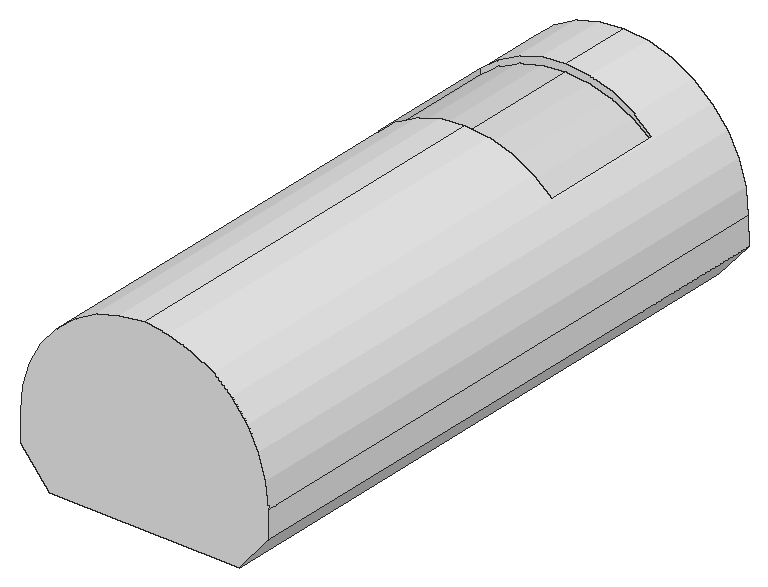
Revit family "Wall_Occupancy_and_Vacancy_Sensor-Lutron-Radio_Powr_Savr-LRF2--", category Lighting Devices, host Face, Revit 2015
Parameters (values of type "ERROR_LOAD Type Catalog")
  Voltage = 3 V
  Version = 1
  URL = "http://www.lutron.com"
  Thomas Enterprise Solutions URL = "http://www.thomasenterprisesolutions.com/"
  Standards = "cULus® listed; FCC certified; IC certified; COFETEL certified; ANATEL certified; SUTEL certified; Meets CA (U.S.A.) Energy Commission Title 24 requirements"
  Series = "Radio Powr Savr"
  Sensor Material = Plastic - Lutron - White
  Sensor Cover Width = 0' - 1 1/4"
  Sensor Cover Vertical Offset = 0' - 0 135/256"
  Sensor Cover Thickness = 0' - 0 7/64"
  Sensor Cover Offset = 0' - 0 13/256"
  Sensor Cover Height = 0' - 0 117/128"
  Sensor Cover Depth = 0' - 0 189/256"
  Sensor Cover Arc Depth = 0' - 0 101/256"
  Sensor Clearance [instance] = 4' - 0"
  Sensor Case Radius = Overall Width / 2  # 0' - 0.9"
  Room Width [instance] = 10' - 0"
  Room Void Offset [instance] = if(Major Motion Coverage Range > Room Void Area, Major Motion Coverage Range + 1' 0", Room Void Area + 1' 0")  # 151' - 0"
  Room Void Area [instance] = if(Room Length > Room Width, Room Length, Room Width)  # 25' - 0"
  Room Length [instance] = 25' - 0"
  Range Start Angle [instance] = if(Hallway Coverage, -90.00°, -Field of View / 2)  # -90.00°
  Range End Angle [instance] = if(Hallway Coverage, 90.00°, Field of View / 2)  # 90.00°
  Range = 30' - 0"
  Product Page URL = "http://www.lutron.com/Products/Sensors/Occupancy-Vacancy/WirelessRadioPowrSavr/Pages/Overview.aspx"
  Overall Width = 0' - 1.8"
  Overall Height = 0' - 4.35"
  Overall Depth = 0' - 1.35"
  Mounting Height [instance] = if(Default Elevation < Minimum Mounting Height, Minimum Mounting Height, if(Default Elevation > Maximum Mounting Height, Maximum Mounting Height, Default Elevation))  # 7' - 0"
  Model = "LRF2-OHLB-P-WH"
  Minor Room Coverage Range Offset [instance] = if(Minor Motion Coverage Range = 0' 0", Overall Depth, Minor Motion Coverage Range)  # 0' - 1.35"
  Major Room Coverage Range [instance] = if(Room Length > Minor Motion Coverage Range, Minor Motion Coverage Range, Room Length)  # 0' - 0"
  Major Motion Coverage Range = 150' - 0"
  Minor Motion Coverage = 0.00 SF
  Minimum Operating Temperature = 32 °F
  Minimum Mounting Height = 6' - 0"
  Maximum Operating Temperature = 104 °F
  Maximum Mounting Height = 8' - 0"
  Manufacturer = "Lutron Electronics"  # constant formula
  Minor Motion Coverage Range = 0' - 0"
  Major Motion Coverage = 150.00 SF
  Label = "OS"
  Infrared Minor Range [instance] = and(not(Infared Diagram), Infrared Minor Motion Detection)  # no
  Infrared Minor Motion Detection [instance] = no
  Infrared Minor Diagram [instance] = and(Infared Diagram, Infrared Minor Motion Detection)  # no
  Infrared Major Range [instance] = and(not(Infared Diagram), Infrared Major Motion Detection)  # no
  Infrared Major Motion Detection [instance] = no
  Infrared Major Diagram [instance] = and(Infared Diagram, Infrared Major Motion Detection)  # no
  Infared Diagram [instance] = no
  Frequency and Channel Codes = "431.0 - 437.0 MHz (US; Canada; Mexico; Brazil)"
  Flange Width = 0' - 0 27/128"
  Flange Depth = 0' - 0 1/4"
  Field of View = 0.00°
  ENGworks URL = "http://www.ENGworks.com"
  Description = "Wireless Wall-Mount Sensor"
  Default Elevation = 7' - 0"
  Current = 14 A
  Wall Mount Coverage [instance] = Field of View = 180.00°  # no
  Hallway Coverage [instance] = Field of View = 0.00°  # yes
  Corner Mount Coverage [instance] = Field of View = 90.00°  # no
  Copyright = "© 2016 Lutron Electronics Co., Inc."  # constant formula
  Assembly Code = "D5030800"
Reference planes (in)
  plane 1 "Center (Front/Back)": y = 0
  plane 2: z = 0
  plane 3 "Center (Left/Right)": x = 0
  plane 4: x = 0.9
  plane 5: x = -0.9
  plane 6: y = -2.175
  plane 7: y = 2.175
  plane 8: z = 1.35
  plane 9: y = 1.64766
  plane 10: y = 0.73359
  plane 11: z = 0.73828
  plane 12: z = 1.06484
  plane 13: z = 0.95547
  plane 14: y = 1.64766
  plane 15: y = -81.825
  plane 16: z = 1800
  plane 17: y = 1.64766
  plane 18: z = 1.35
  plane 19: y = -81.825
  plane 20: y = -86.175
  plane 21: x = -1812.9
  plane 22: x = 1812.9
  plane 23: z = 1812
  plane 24: x = -60
  plane 25: x = 60
  plane 26: z = 300
  plane 27: x = -0.68906
  plane 28: x = 0.68906
  plane 29: z = 0.25
  plane 30: z = 0.45
Forms (in)
  Extrusion 1, solid, material "Plastic - Lutron - White" <- "Sensor Material"
    sketch origin (0, 0, 0) x (1, 0, 0) y (0, 0, 1)
      loop
        line (-0.9, 0.25) -> (-0.68906, 0) -> (0.68906, 0) -> (0.9, 0.25) -> (0.9, 0.45)
        arc (0.9, 0.45) -> (0.6364, 1.0864) -> (0, 1.35) r 0.9
        arc (0, 1.35) -> (-0.6364, 1.0864) -> (-0.9, 0.45) r 0.9
        line (-0.9, 0.45) -> (-0.9, 0.25)
    from -2.175 to 2.175
  Extrusion 2, void
    sketch origin (0.02539, 0, 0) x (1, 0, 0) y (0, 1, 0)
      loop
        line (-0.65039, 1.64766) -> (-0.65039, 0.73359) -> (0.59961, 0.73359) -> (0.59961, 1.64766) -> (-0.65039, 1.64766)
    from 1.35 to 0.73828
  Extrusion 3, solid, material "Plastic - Lutron - Clear"
    sketch origin (0, 0, 0) x (1, 0, 0) y (0, 0, 1)
      loop
        arc (0, 1.29922) -> (-0.33375, 1.2387) -> (-0.625, 1.06484) r 0.95052
        line (-0.625, 1.06484) -> (-0.625, 0.95547)
        arc (-0.625, 0.95547) -> (-0.33375, 1.12932) -> (0, 1.18984) r 0.95052
        arc (0, 1.18984) -> (0.33375, 1.12932) -> (0.625, 0.95547) r 0.95052
        line (0.625, 0.95547) -> (0.625, 1.06484)
        arc (0.625, 1.06484) -> (0.33375, 1.2387) -> (0, 1.29922) r 0.95052
    from -1.64766 to -0.73359
  Extrusion 4, void
    sketch origin (60, 2.175, 60.99325) x (1, 0, 0) y (0, 0, 1)
      loop
        line (146.45629, 659.00479) -> (-59.79327, -60.2727)
        arc (-59.79327, -60.2727) -> (-59.77032, -60.27968) -> (-59.74761, -60.28739) r 0.75
        line (-59.74761, -60.28739) -> (197.30569, 659.00479) -> (146.45629, 659.00479)
      loop
        line (239.99961, 594.18112) -> (-59.68776, -60.31174)
        arc (-59.68776, -60.31174) -> (-59.65885, -60.32573) -> (-59.63057, -60.34095) r 0.75
        line (-59.63057, -60.34095) -> (239.99961, 469.03795) -> (239.99961, 594.18112)
      loop
        line (239.99961, 359.00479) -> (-59.56407, -60.38335)
        arc (-59.56407, -60.38335) -> (-59.54165, -60.4) -> (-59.51986, -60.41748) r 0.75
        line (-59.51986, -60.41748) -> (239.99961, 299.00479) -> (239.99961, 359.00479)
      loop
        line (239.99961, 239.00479) -> (-59.46967, -60.46332)
        arc (-59.46967, -60.46332) -> (-59.45304, -60.48049) -> (-59.43696, -60.49818) r 0.75
        line (-59.43696, -60.49818) -> (239.99961, 203.00479) -> (239.99961, 239.00479)
      loop
        line (239.99961, 119.00479) -> (239.99961, 155.00479) -> (-59.39135, -60.55542)
        arc (-59.39135, -60.55542) -> (-59.37357, -60.58124) -> (-59.35688, -60.60778) r 0.75
        line (-59.35688, -60.60778) -> (239.99961, 119.00479)
      loop
        line (239.99961, 95.00479) -> (-59.33459, -60.64763)
        arc (-59.33459, -60.64763) -> (-59.32098, -60.67516) -> (-59.30851, -60.70322) r 0.75
        line (-59.30851, -60.70322) -> (239.99961, 65.00479) -> (239.99961, 95.00479)
      loop
        line (239.99961, 36.4807) -> (-59.28671, -60.76189)
        arc (-59.28671, -60.76189) -> (-59.27815, -60.7901) -> (-59.27071, -60.81862) r 0.75
        line (-59.27071, -60.81862) -> (239.99961, 11.00479) -> (239.99961, 36.4807)
      loop
        line (239.99961, -18.99521) -> (-59.25724, -60.88966)
        arc (-59.25724, -60.88966) -> (-59.25449, -60.91172) -> (-59.25239, -60.93384) r 0.75
        line (-59.25239, -60.93384) -> (239.99961, -36.99521) -> (239.99961, -18.99521)
      loop
        line (-266.45629, 659.00479) -> (-317.30569, 659.00479) -> (-60.25239, -60.28739)
        arc (-60.25239, -60.28739) -> (-60.22968, -60.27968) -> (-60.20673, -60.2727) r 0.75
        line (-60.20673, -60.2727) -> (-266.45629, 659.00479)
      loop
        line (-359.99961, 594.18112) -> (-359.99961, 469.03795) -> (-60.36943, -60.34095)
        arc (-60.36943, -60.34095) -> (-60.34115, -60.32573) -> (-60.31224, -60.31174) r 0.75
        line (-60.31224, -60.31174) -> (-359.99961, 594.18112)
      loop
        line (-359.99961, 359.00479) -> (-359.99961, 299.00479) -> (-60.48013, -60.41749)
        arc (-60.48013, -60.41749) -> (-60.45834, -60.40001) -> (-60.43592, -60.38336) r 0.74999
        line (-60.43592, -60.38336) -> (-359.99961, 359.00479)
      loop
        line (-359.99961, 239.00479) -> (-359.99961, 203.00479) -> (-60.56304, -60.4982)
        arc (-60.56304, -60.4982) -> (-60.54696, -60.4805) -> (-60.53032, -60.46333) r 0.74999
        line (-60.53032, -60.46333) -> (-359.99961, 239.00479)
      loop
        line (-359.99961, 119.00479) -> (-60.643, -60.60757)
        arc (-60.643, -60.60757) -> (-60.62635, -60.58111) -> (-60.6086, -60.55537) r 0.75
        line (-60.6086, -60.55537) -> (-359.99961, 155.00479) -> (-359.99961, 119.00479)
      loop
        line (-359.99961, 95.00479) -> (-359.99961, 65.00479) -> (-60.69154, -60.70328)
        arc (-60.69154, -60.70328) -> (-60.67898, -60.67502) -> (-60.66526, -60.6473) r 0.75001
        line (-60.66526, -60.6473) -> (-359.99961, 95.00479)
      loop
        line (-359.99961, 36.4807) -> (-359.99961, 11.00479) -> (-60.72929, -60.81862)
        arc (-60.72929, -60.81862) -> (-60.72185, -60.7901) -> (-60.71329, -60.76189) r 0.75
        line (-60.71329, -60.76189) -> (-359.99961, 36.4807)
      loop
        line (-359.99961, -18.99521) -> (-359.99961, -36.99521) -> (-60.74761, -60.93384)
        arc (-60.74761, -60.93384) -> (-60.74551, -60.91172) -> (-60.74276, -60.88966) r 0.75
        line (-60.74276, -60.88966) -> (-359.99961, -18.99521)
      loop
        line (-59.85261, -60.25827) -> (84.30704, 659.00479) -> (32.31738, 659.00479) -> (-59.90462, -60.24974)
        arc (-59.90462, -60.24974) -> (-59.87854, -60.25355) -> (-59.85261, -60.25827) r 0.75
      loop
        line (-59.9701, -60.24424) -> (-31.27653, 659.00479) -> (-88.72347, 659.00479) -> (-60.0299, -60.24424)
        arc (-60.0299, -60.24424) -> (-60, -60.24365) -> (-59.9701, -60.24424) r 0.75
      loop
        line (-60.09538, -60.24974) -> (-152.31738, 659.00479) -> (-204.30704, 659.00479) -> (-60.14739, -60.25827)
        arc (-60.14739, -60.25827) -> (-60.12146, -60.25355) -> (-60.09538, -60.24974) r 0.75
    from 0 to 0.125
  Extrusion 5, solid, material "Infrared Minor Motion Detection", visible <- "Infrared Minor Diagram"
    sketch origin (60, 2.175, 48) x (1, 0, 0) y (0, 0, 1)
      loop
        line (-240, -48) -> (120, -48) -> (120, 552) -> (-240, 552) -> (-240, -48)
    from 0 to 0.125
  Extrusion 6, solid, material "Infrared Major Motion Detection", visible <- "Infrared Major Diagram"
    sketch origin (60, 2.14453, 48) x (1, 0, 0) y (0, 0, 1)
      loop
        line (-360, -48) -> (240, -48) -> (240, 671.9996) -> (-360, 671.9996) -> (-360, -48)
    from 0.00078 to 0.06328
  Revolve 7, solid, material "Infrared Major Motion Detection", visible <- "Infrared Major Range"
    sketch origin (0, 0, 0) x (0, 1, 0) y (0, 0, 1)
      loop
        line (1.64766, 1.35) -> (1.64766, 1800) -> (-81.825, 1800) -> (-81.825, 1.35) -> (1.64766, 1.35)
      axis (1.64766, 0) -> (-81.825, 0)
    angle from -90 <- "Range Start Angle" to 90 <- "Range End Angle"
  Revolve 8, solid, material "Infrared Minor Motion Detection", visible <- "Infrared Minor Range"
    sketch origin (0, 0, 0) x (0, 1, 0) y (0, 0, 1)
      loop
        line (1.64766, 0) -> (1.64766, 1.35) -> (-81.825, 1.35) -> (-81.825, 0) -> (1.64766, 0)
      axis (-81.825, 0) -> (1.64766, 0)
    angle from -90 <- "Range Start Angle" to 90 <- "Range End Angle"
  Sweep 9, void
    path origin (0, 0, 0) x (0, 1, 0) y (0, 0, 1)
      loop
        line (-86.175, 0) -> (2.175, 0)
    profile origin (0, -42, 0) x (0, 0, 1) y (1, 0, 0)
      loop
        line (1812, -1812.9) -> (1812, 1812.9) -> (0, 1812.9) -> (0, 60) -> (300, 60) -> (300, -60) -> (0, -60) -> (0, -1812.9) -> (1812, -1812.9)
Cuts and joins
  Extrusion 2 cuts Extrusion 1
  Extrusion 4 cuts Extrusion 5
  Extrusion 4 cuts Extrusion 6
  Sweep 9 cuts Revolve 7
  Sweep 9 cuts Revolve 8
Lines and regions (in)
  symbolic lines, detail levels fine
    curve 1: line (0.9, 2.175, 0.25) -> (0.9, 2.175, 0.52279)
    curve 2: arc (0.9, 2.175, 0.52279) -> (0.85964, 2.175, 0.76675) -> (0.74285, 2.175, 0.9847) r 0.75742
    curve 3: arc (0.74285, 2.175, 0.9847) -> (-0.00134, 2.175, 1.3504) -> (-0.74448, 2.175, 0.98257) r 0.93733
    curve 4: arc (-0.74448, 2.175, 0.98257) -> (-0.86007, 2.175, 0.76575) -> (-0.9, 2.175, 0.52331) r 0.7559
    curve 5: line (-0.9, 2.175, 0.52331) -> (-0.9, 2.175, 0.25)
    curve 6: line (-0.9, 2.175, 0.25) -> (-0.69006, 2.175, 0)
    curve 7: line (-0.69006, 2.175, 0) -> (0.69006, 2.175, 0)
    curve 8: line (0.69006, 2.175, 0) -> (0.9, 2.175, 0.25)
Dimensions and locks (in)
  "Overall Width": plane 5 to plane 4
  equal spacing: plane 5, plane 3 "Center (Left/Right)", plane 4
  "Overall Height": plane 6 to plane 7
  equal spacing: plane 6, plane 1 "Center (Front/Back)", plane 7
  "Overall Depth": plane 8 to plane 2
  "Sensor Cover Width": Extrusion 2 sketch curve to Extrusion 2 sketch curve
  equal spacing: Extrusion 2 sketch curve, plane 3 "Center (Left/Right)", Extrusion 2 sketch curve
  equal spacing: Extrusion 5 sketch curve, plane 3 "Center (Left/Right)", Extrusion 5 sketch curve
  locked: Extrusion 5 sketch curve to Extrusion 5 sketch curve at 360
  locked: Extrusion 5 sketch curve to Extrusion 5 sketch curve at 600
  locked: Extrusion 6 sketch curve to Extrusion 6 sketch curve at 600
  locked: Extrusion 6 sketch curve to Extrusion 6 sketch curve at 719.9996
  cut or joined group of Extrusion 4, Extrusion 5 to Extrusion 6 to Extrusion 6 to plane 7 = 0' - 0 1/32" locked, 0' - 0 1/16" locked, 0' - 0 1/32" locked
  equal spacing: Extrusion 6 sketch curve, plane 3 "Center (Left/Right)", Extrusion 6 sketch curve
  "Sensor Cover Vertical Offset": plane 9 to plane 7
  "Sensor Cover Height": plane 10 to plane 9
  "Sensor Cover Depth": plane 11 to plane 2
  "Sensor Cover Thickness": plane 12 to plane 13
  "Sensor Cover Arc Depth": plane 8 to plane 13
  "Sensor Cover Offset": plane 8 to Extrusion 3 sketch curve
  "Sensor Cover Thickness": Extrusion 3 sketch curve to Extrusion 3 sketch curve
  "Major Motion Coverage Range": plane 16 to plane 2
  "Sensor Cover Vertical Offset": plane 17 to plane 7
  "Mounting Height": plane 19 to plane 7
  "Minor Room Coverage Range Offset": plane 18 to plane 2
  "Mounting Height": plane 15 to plane 7
  "Sensor Cover Vertical Offset": plane 14 to plane 7
  "Mounting Height": plane 20 to plane 6
  "Room Void Offset": plane 23 to plane 2
  equal spacing: plane 22, plane 3 "Center (Left/Right)", plane 21
  "Room Void Offset": plane 5 to plane 21
  equal spacing: plane 25, plane 3 "Center (Left/Right)", plane 24
  "Room Width": plane 25 to plane 24
  "Room Length": plane 26 to plane 2
  equal spacing: plane 28, plane 3 "Center (Left/Right)", plane 27
  "Flange Width": plane 27 to plane 5
  "Flange Depth": plane 29 to plane 2
  "Sensor Case Radius": plane 8 to plane 30
  aligned and locked: plane 2 to host face
  aligned and locked: level to host face
  aligned and locked: Extrusion 1 to plane 7
  aligned and locked: Extrusion 1 to plane 6
  aligned and locked: Extrusion 3 to cut or joined group of Extrusion 1, Extrusion 2  (x2)
  aligned and locked: plane 3 "Center (Left/Right)" to nested 1
  aligned and locked: plane 1 "Center (Front/Back)" to nested 1
  aligned and locked: cut or joined group of Extrusion 4, Extrusion 6 to plane 2
  aligned and locked: cut or joined group of Extrusion 4, Extrusion 5 to plane 2
  aligned and locked: plane 9 to Extrusion 2 sketch curve
  aligned and locked: plane 10 to Extrusion 2 sketch curve
  aligned and locked: plane 13 to Extrusion 3 sketch curve  (x2)
  aligned and locked: plane 12 to Extrusion 3 sketch curve  (x2)
  aligned and locked: cut or joined group of Extrusion 1, Extrusion 2 to Extrusion 3 sketch curve  (x5)
  aligned and locked: plane 3 "Center (Left/Right)" to Extrusion 3 sketch curve  (x2)
  aligned and locked: Revolve 7 sketch curve to plane 16
  aligned and locked: plane 14 to Revolve 7 sketch curve
  aligned and locked: Revolve 7 sketch curve to plane 15
  aligned and locked: Revolve 7 sketch curve to cut or joined group of Extrusion 1, Extrusion 2
  aligned and locked: cut or joined group of Extrusion 1, Extrusion 2 to Revolve 8 sketch curve
  aligned and locked: Revolve 8 sketch curve to cut or joined group of Extrusion 1, Extrusion 2
  aligned and locked: plane 18 to Revolve 8 sketch curve
  aligned and locked: Revolve 8 sketch curve to plane 19
  aligned and locked: plane 7 to Sweep 9 sketch curve
  aligned and locked: Sweep 9 sketch curve to plane 2  (x2)
  aligned and locked: plane 20 to Sweep 9 sketch curve
  aligned and locked: plane 23 to Sweep 9 sketch curve
  aligned and locked: Sweep 9 sketch curve to plane 22
  aligned and locked: Sweep 9 sketch curve to plane 21
  aligned and locked: plane 26 to Sweep 9 sketch curve
  aligned and locked: Sweep 9 sketch curve to plane 24
  aligned and locked: plane 25 to Sweep 9 sketch curve
  aligned and locked: Sweep 9 sketch curve to profile plane
  aligned and locked: Extrusion 1 sketch curve to plane 2
  aligned and locked: plane 27 to Extrusion 1 sketch curve
  aligned and locked: plane 29 to Extrusion 1 sketch curve
  aligned and locked: plane 28 to Extrusion 1 sketch curve
  aligned and locked: Extrusion 1 sketch curve to plane 5
  aligned and locked: plane 4 to Extrusion 1 sketch curve
  aligned and locked: plane 30 to Extrusion 1 sketch curve  (x3)
  aligned and locked: plane 3 "Center (Left/Right)" to Extrusion 1 sketch curve  (x2)
  aligned and locked: plane 8 to Extrusion 1 sketch curve
  aligned and locked: plane 8 to cut or joined group of Extrusion 1, Extrusion 2
  aligned and locked: plane 11 to cut or joined group of Extrusion 1, Extrusion 2
  aligned and locked: plane 8 to Revolve 7 sketch curve
Automatic sketch dimensions
  host sketch curve to host sketch curve = 8' - 0"  (x2)
  Extrusion 4 sketch curve to Extrusion 4 sketch curve = 0' - 0"  (x228)
  Extrusion 4 sketch curve to plane 3 "Center (Left/Right)" = 0' - 0"
  Extrusion 4 sketch curve to plane 3 "Center (Left/Right)" = 0' - 0.00007"
  Extrusion 4 sketch curve to plane 3 "Center (Left/Right)" = 0' - 0.0299"
  Extrusion 4 sketch curve to Extrusion 4 sketch curve = 0' - 0.06549"  (x2)
  Extrusion 4 sketch curve to Extrusion 4 sketch curve = 0' - 0.05201"  (x2)
  Extrusion 4 sketch curve to Extrusion 4 sketch curve = 0' - 0.05934"  (x2)
  Extrusion 4 sketch curve to Extrusion 4 sketch curve = 0' - 0.04567"  (x2)
  Extrusion 4 sketch curve to Extrusion 4 sketch curve = 0' - 0.05985"  (x2)
  Extrusion 4 sketch curve to Extrusion 4 sketch curve = 0' - 0.05719"  (x2)
  Extrusion 4 sketch curve to Extrusion 4 sketch curve = 0' - 0.06649"
  Extrusion 4 sketch curve to Extrusion 4 sketch curve = 0' - 0.04421"  (x2)
  Extrusion 4 sketch curve to Extrusion 4 sketch curve = 0' - 0.05019"  (x2)
  Extrusion 4 sketch curve to Extrusion 4 sketch curve = 0' - 0.03272"
  Extrusion 4 sketch curve to Extrusion 4 sketch curve = 0' - 0.04557"
  Extrusion 4 sketch curve to Extrusion 4 sketch curve = 0' - 0.0344"
  Extrusion 4 sketch curve to Extrusion 4 sketch curve = 0' - 0.02226"
  Extrusion 4 sketch curve to Extrusion 4 sketch curve = 0' - 0.02628"
  Extrusion 4 sketch curve to Extrusion 4 sketch curve = 0' - 0.02175"
  Extrusion 4 sketch curve to Extrusion 4 sketch curve = 0' - 0.016"  (x2)
  level to Extrusion 4 sketch curve = 0' - 0.10359"  (x2)
  Extrusion 4 sketch curve to Extrusion 4 sketch curve = 0' - 0.01347"  (x2)
  Extrusion 4 sketch curve to Extrusion 4 sketch curve = 0' - 0.00486"  (x2)
  Extrusion 4 sketch curve to plane 5 = 2' - 3.82347"
  Extrusion 4 sketch curve to Extrusion 4 sketch curve = 5' - 3.59392"  (x2)
  Extrusion 4 sketch curve to Extrusion 4 sketch curve = 4' - 3.98966"  (x2)
  Extrusion 4 sketch curve to Extrusion 4 sketch curve = 5' - 2.14925"  (x2)
  Extrusion 4 sketch curve to Extrusion 4 sketch curve = 4' - 2.8494"  (x2)
  Extrusion 4 sketch curve to plane 5 = 24' - 11.09961"
  plane 8 to Extrusion 4 sketch curve = 8' - 0.12395"
  Extrusion 4 sketch curve to Extrusion 4 sketch curve = 3' - 6.69392"  (x2)
  plane 8 to Extrusion 4 sketch curve = 3' - 4.64804"
  plane 3 "Center (Left/Right)" to Extrusion 4 sketch curve = 0' - 0"  (x2)
  plane 3 "Center (Left/Right)" to Extrusion 4 sketch curve = 0' - 0.0299"
  Extrusion 4 sketch curve to Extrusion 4 sketch curve = 0' - 0.0665"
  Extrusion 4 sketch curve to Extrusion 4 sketch curve = 0' - 0.03271"
  Extrusion 4 sketch curve to Extrusion 4 sketch curve = 0' - 0.04562"
  Extrusion 4 sketch curve to Extrusion 4 sketch curve = 0' - 0.03447"
  Extrusion 4 sketch curve to Extrusion 4 sketch curve = 0' - 0.02229"
  Extrusion 4 sketch curve to Extrusion 4 sketch curve = 0' - 0.02607"
  Extrusion 4 sketch curve to Extrusion 4 sketch curve = 0' - 0.02181"
  Extrusion 4 sketch curve to plane 4 = 2' - 3.82347"
  Extrusion 4 sketch curve to Extrusion 4 sketch curve = 0' - 0.04418"
  Extrusion 4 sketch curve to Extrusion 4 sketch curve = 0' - 0.00011"
  Extrusion 4 sketch curve to Extrusion 4 sketch curve = 0' - 0.07104"  (x2)
  Extrusion 4 sketch curve to Extrusion 4 sketch curve = 0' - 0 15/256"
  Extrusion 4 sketch curve to Extrusion 4 sketch curve = 0' - 0.05866"
  Extrusion 4 sketch curve to Extrusion 4 sketch curve = 0' - 0.03986"
  Extrusion 4 sketch curve to Extrusion 4 sketch curve = 0' - 0.03973"
  Extrusion 4 sketch curve to Extrusion 4 sketch curve = 0' - 0.05717"
  Extrusion 4 sketch curve to Extrusion 4 sketch curve = 0' - 0.05724"
  Extrusion 4 sketch curve to Extrusion 4 sketch curve = 0' - 0.04584"  (x2)
  Extrusion 4 sketch curve to Extrusion 4 sketch curve = 0' - 0.0424"
  Extrusion 4 sketch curve to Extrusion 4 sketch curve = 0' - 0.04241"
  Extrusion 4 sketch curve to Extrusion 4 sketch curve = 0' - 0.02434"  (x2)
  Extrusion 4 sketch curve to Extrusion 4 sketch curve = 0' - 0.01443"  (x2)
  Extrusion 4 sketch curve to Extrusion 4 sketch curve = 0' - 0.00549"
  Extrusion 4 sketch curve to Extrusion 4 sketch curve = 1' - 6"  (x2)
  plane 8 to Extrusion 4 sketch curve = 1' - 10.64804"
  Extrusion 4 sketch curve to Extrusion 4 sketch curve = 2' - 1.47591"  (x2)
  Extrusion 4 sketch curve to Extrusion 4 sketch curve = 2' - 6"  (x3)
  Extrusion 4 sketch curve to Extrusion 4 sketch curve = 2' - 4.52409"  (x2)
  Extrusion 4 sketch curve to Extrusion 4 sketch curve = 2' - 0"  (x2)
  Extrusion 4 sketch curve to Extrusion 4 sketch curve = 3' - 0"  (x4)
  Extrusion 4 sketch curve to Extrusion 4 sketch curve = 4' - 0"  (x2)
  Extrusion 4 sketch curve to Extrusion 4 sketch curve = 5' - 0"  (x4)
  Extrusion 4 sketch curve to Extrusion 4 sketch curve = 9' - 2.03316"  (x2)
  Extrusion 4 sketch curve to Extrusion 4 sketch curve = 10' - 5.14317"  (x2)
  Extrusion 4 sketch curve to Extrusion 4 sketch curve = 5' - 4.82367"  (x2)
  level to Extrusion 5 sketch curve = 0' - 0"
  level to Extrusion 6 sketch curve = 0' - 0"
  Revolve 7 sketch curve to plane 6 = 0' - 0"
  Revolve 8 sketch curve to plane 7 = 0' - 0"
  Extrusion 1 sketch curve to plane 29 = 0' - 0"
  curve 6 to plane 5 = 0' - 0"
  curve 7 to level = 0' - 0"
  curve 3 to plane 3 "Center (Left/Right)" = 0' - 0"
  plane 4 to curve 1 = 0' - 0"
  plane 5 to curve 7 = 0' - 0.20994"
  curve 4 to plane 3 "Center (Left/Right)" = 0' - 0.1441"
  plane 3 "Center (Left/Right)" to curve 2 = 0' - 0.14258"
  plane 4 to curve 7 = 0' - 0.20994"
  level to curve 1 = 0' - 0 1/4"
  level to curve 6 = 0' - 0 1/4"
  plane 11 to curve 3 = 0' - 0.3252"
  curve 3 to curve 2 = 0' - 0.10971"
  curve 3 to curve 4 = 0' - 0.11023"
  curve 3 to curve 4 = 0' - 0"
  Revolve 7 sketch curve to level = 0' - 0"
  Revolve 8 sketch curve to level = 0' - 0"  (x2)
Nested families (in)
  nested 1: "Wall_Occupancy_and_Vacancy_Sensor-Lutron" at (0, 0, 0), type "Wall_Occupancy_and_Vacancy_Sensor-Lutron", detail levels coarse+medium
Connectors (in)
  electrical at (0, 0, 0)
    settings: on cut or joined group of Extrusion 1, Extrusion 2, index 1, voltage 0 V, apparent load 0 VA, apparent load phase1 0 VA, apparent load phase2 0 VA, apparent load phase3 0 VA, power factor 1, load classification "Other", number of poles 1, system type 13, power factor state 1, is connector primary yes, connector utility no, sub classification motor no, connector description "Sensor Control"
Definition of nested family "Wall_Occupancy_and_Vacancy_Sensor-Lutron"
  Parameters
    Label = "OS"
  Reference planes (in)
    plane 1: y = 0
    plane 2: x = 0
  Lines and regions (in)
    detail lines
      curve 1: line (-0.10156, 0.24626, 0) -> (-0.10156, 0.06462, 0)
      curve 2: line (-0.10156, 0.06462, 0) -> (0.09961, 0.06462, 0)
      curve 3: line (0.09961, 0.06462, 0) -> (0.09961, 0.24626, 0)
      curve 4: line (0.09961, 0.24626, 0) -> (-0.10156, 0.24626, 0)
      curve 5: line (-0.05859, 0, 0) -> (0.05859, 0, 0)
      curve 6: line (0, 0, 0) -> (0, 0.06462, 0)
  Text (in)
    label "OS" at (-0.00197, 0.15314, 0), shows "Label"
  Dimensions and locks (in)
    curve 4 to curve 2 to plane 1 = 0' - 0.18164" locked, 0' - 0.06462" locked
    curve 1 to plane 2 to curve 3 = 0' - 0 13/128" locked, 0' - 0.09961" locked
    aligned and locked: plane 2 to curve 6
    aligned and locked: plane 1 to curve 5
